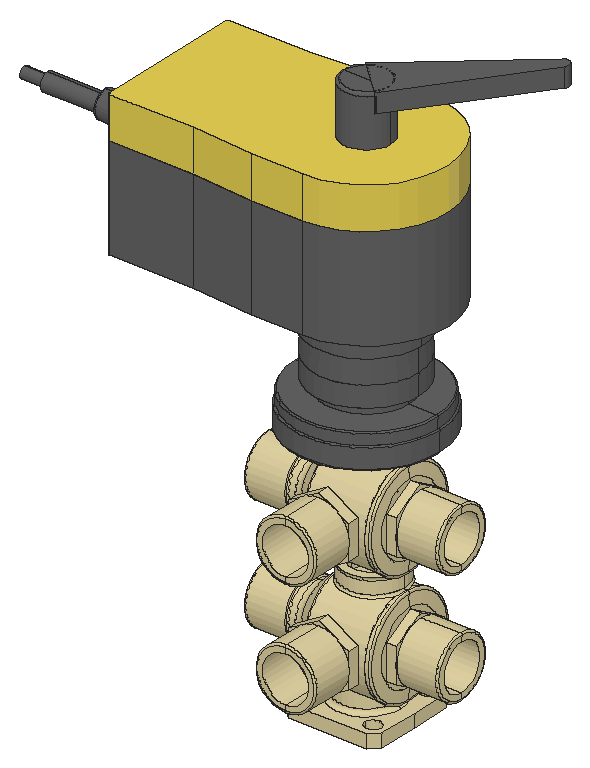
Revit family "QS01650000", category Apparecchi idraulici, Revit 2020
Family settings
  Quota connettore circolare = Usa diametro
  Tipo di parte = Normale
  Numero OmniClass = 23.45.00.00
  Titolo OmniClass = Sanitary, Laundry, and Cleaning Equipment
  Basato su piano di lavoro = No
  Sempre verticale = Sì
  Taglio con vuoti quando caricato = No
  Condiviso = No
  Punto di calcolo locali = No
Parameters
  URL = "https://web.cimberio.it/index.php/figura/1718?subcategoria_id=109"
  Temperatura di esercizio = "5 ÷ 100°C"
  Prospetto di default = 0 mm
  Produttore = "CIMBERIO SPA"
  Pressione nominale = "PN 25"
  Modello = "Cim 671"
  Materiale = "Prodotto in lega di ottone “CR” – “DZR” conforme alla norma EN 12165-CW602N-M."
  Descrizione = "Utilizzato nei più svariati settori dell'impiantistica: impianti di riscaldamento, condizionamento, idrici, igienico-sanitari e in generale con ogni fluido non corrosivo."
  DN Model [instance] = QS01651020 : QS01651020
  DN [instance] = 20 mm
  Commenti sul tipo = "Realizzato in ottemperanza ai requisiti gestionali della norma EN ISO 9001. Collaudato al 100% secondo la normativa EN 12266-1."
Reference planes
  plane 1 "Centro (Fronte/Retro)": y = 0
  plane 2: z = 0
  plane 3 "Centro (Sinistra/Destra)": x = 0
Dimensions and locks
  aligned and locked: level to plane 2
Nested families
  nested 1: "QS01651020" at (0, 0, 0), type <- "DN Model", type "QS01651020"
Connectors
  piping at (0, -43.987, 25), diameter 20, driven by "DN"
    settings: on nested 1, index 1, connector inside diameter 609.6 mm, connector length 0 mm, flow factor 0, pipe flow 0.0 L/s, pressure drop 0.0 Pa, fitting loss kfactor 0, connector angle 0.00°, fixture units 0, engagement length 0 mm, angle of deflection 0.00°, flow configuration 0, flow direction 0, fitting loss method 0, system type 7, joint type 0, gender type 0, connector reference index -1, connector utility 0, adjustable connector no, is connector primary yes, connector description ""
  piping at (0, -43.987, -25), diameter 20, driven by "DN"
    settings: on nested 1, index 2, connector inside diameter 609.6 mm, connector length 0 mm, flow factor 0, pipe flow 0.0 L/s, pressure drop 0.0 Pa, fitting loss kfactor 0, connector angle 0.00°, fixture units 0, engagement length 0 mm, angle of deflection 0.00°, flow configuration 0, flow direction 0, fitting loss method 0, system type 7, joint type 0, gender type 0, connector reference index -1, connector utility 0, adjustable connector no, is connector primary no, connector description ""
  piping at (41.487, 0, -25), diameter 20, driven by "DN"
    settings: on nested 1, index 3, connector inside diameter 609.6 mm, connector length 0 mm, flow factor 0, pipe flow 0.0 L/s, pressure drop 0.0 Pa, fitting loss kfactor 0, connector angle 0.00°, fixture units 0, engagement length 0 mm, angle of deflection 0.00°, flow configuration 0, flow direction 0, fitting loss method 0, system type 7, joint type 0, gender type 0, connector reference index -1, connector utility 0, adjustable connector no, is connector primary no, connector description ""
  piping at (41.487, 0, 25), diameter 20, driven by "DN"
    settings: on nested 1, index 4, connector inside diameter 609.6 mm, connector length 0 mm, flow factor 0, pipe flow 0.0 L/s, pressure drop 0.0 Pa, fitting loss kfactor 0, connector angle 0.00°, fixture units 0, engagement length 0 mm, angle of deflection 0.00°, flow configuration 0, flow direction 0, fitting loss method 0, system type 7, joint type 0, gender type 0, connector reference index -1, connector utility 0, adjustable connector no, is connector primary no, connector description ""
  piping at (-42.831, 0, 25), diameter 20, driven by "DN"
    settings: on nested 1, index 5, connector inside diameter 609.6 mm, connector length 0 mm, flow factor 0, pipe flow 0.0 L/s, pressure drop 0.0 Pa, fitting loss kfactor 0, connector angle 0.00°, fixture units 0, engagement length 0 mm, angle of deflection 0.00°, flow configuration 0, flow direction 0, fitting loss method 0, system type 7, joint type 0, gender type 0, connector reference index -1, connector utility 0, adjustable connector no, is connector primary no, connector description ""
  piping at (-42.831, 0, -25), diameter 20, driven by "DN"
    settings: on nested 1, index 6, connector inside diameter 609.6 mm, connector length 0 mm, flow factor 0, pipe flow 0.0 L/s, pressure drop 0.0 Pa, fitting loss kfactor 0, connector angle 0.00°, fixture units 0, engagement length 0 mm, angle of deflection 0.00°, flow configuration 0, flow direction 0, fitting loss method 0, system type 7, joint type 0, gender type 0, connector reference index -1, connector utility 0, adjustable connector no, is connector primary no, connector description ""
Definition of nested family "QS01651020"
  Parameters (values of type "QS01651020")
    Default Elevation = 0 mm
  Reference planes
    plane 1 "Centro (Fronte/Retro)": y = 0
    plane 2: z = 0
    plane 3 "Centro (Sinistra/Destra)": x = 0
  Forms (mm)
    Extrusion 1, solid
      sketch origin (0, 0, 28.55) x (1, 0, 0) y (0, 1, 0)
        loop
          arc (-16.971, 21) -> (-18.836, 19.345) -> (-20.54, 17.525) r 27
          line (-20.54, 17.525) -> (-20.999, 0) -> (-20.54, -17.525)
          arc (-20.54, -17.525) -> (-18.836, -19.345) -> (-16.971, -21) r 27
          line (-16.971, -21) -> (16.971, -21)
          arc (16.971, -21) -> (18.836, -19.345) -> (20.54, -17.525) r 27
          line (20.54, -17.525) -> (20.999, 0) -> (20.54, 17.525)
          arc (20.54, 17.525) -> (18.836, 19.345) -> (16.971, 21) r 27
          line (16.971, 21) -> (-16.971, 21)
        loop
          circle (14.849, 14.849) r 3.5
        loop
          circle (14.849, -14.849) r 3.5
        loop
          circle (-14.849, -14.849) r 3.5
        loop
          circle (-14.849, 14.849) r 3.5
      from 29.217 to 34.45
    Revolve 2, solid
      sketch origin (0, 0, 0) x (1, 0, 0) y (0, 0, 1)
        loop
          line (0, 57.767) -> (-18.349, 57.767)
          arc (-18.349, 57.767) -> (-16.952, 57.177) -> (-16.4, 55.765) r 1.95
          line (-16.4, 55.765) -> (-16.4, 54.276)
          arc (-16.4, 54.276) -> (-16.134, 53.597) -> (-15.477, 53.279) r 1
          arc (-15.477, 53.279) -> (-11.106, 50.846) -> (-10.106, 45.945) r 5.99
          line (-10.106, 45.945) -> (0, 45.945) -> (0, 57.767)
        axis (0, 57.767) -> (0, 45.945)
      angle from 0 to 360
    Revolve 3, solid
      sketch origin (0, 0, 0) x (1, 0, 0) y (0, 0, 1)
        loop
          line (-24.866, 35) -> (18.978, 35) -> (18.978, 40.478) -> (18.525, 45.652)
          arc (18.525, 45.652) -> (18.376, 46.174) -> (17.883, 46.4) r 0.65
          line (17.883, 46.4) -> (16.5, 46.4) -> (15.807, 46) -> (-10.093, 46)
          arc (-10.093, 46) -> (-10.476, 45.924) -> (-10.8, 45.707) r 1
          line (-10.8, 45.707) -> (-17.541, 38.966)
          arc (-17.541, 38.966) -> (-19.164, 37.881) -> (-21.078, 37.5) r 5
          line (-21.078, 37.5) -> (-24, 37.5)
          arc (-24, 37.5) -> (-24.5, 37.634) -> (-24.866, 38) r 1
          line (-24.866, 38) -> (-24.866, 35)
        axis (-24.866, 25) -> (18.978, 25)
      angle from 0 to 360
    Revolve 4, solid
      sketch origin (0, 0, -50) x (1, 0, 0) y (0, 0, 1)
        loop
          line (-24.866, 35) -> (18.978, 35) -> (18.978, 40.478) -> (18.525, 45.652)
          arc (18.525, 45.652) -> (18.376, 46.174) -> (17.883, 46.4) r 0.65
          line (17.883, 46.4) -> (16.5, 46.4) -> (15.807, 46) -> (-10.093, 46)
          arc (-10.093, 46) -> (-10.476, 45.924) -> (-10.8, 45.707) r 1
          line (-10.8, 45.707) -> (-17.541, 38.966)
          arc (-17.541, 38.966) -> (-19.164, 37.881) -> (-21.078, 37.5) r 5
          line (-21.078, 37.5) -> (-24, 37.5)
          arc (-24, 37.5) -> (-24.5, 37.634) -> (-24.866, 38) r 1
          line (-24.866, 38) -> (-24.866, 35)
        axis (-24.866, 25) -> (18.978, 25)
      angle from 0 to 360
    Extrusion 5, solid
      sketch origin (0, 0, 0) x (0, 1, 0) y (0, 0, 1)
        loop
          circle (0, 25) r 10
        loop
          line (0, 40) -> (-12.99, 32.5) -> (-12.99, 17.5) -> (0, 10) -> (12.99, 17.5) -> (12.99, 32.5) -> (0, 40)
      from 18.5 to 23.5
    Extrusion 6, solid
      sketch origin (0, 0, -50) x (0, 1, 0) y (0, 0, 1)
        loop
          circle (0, 25) r 10
        loop
          line (0, 40) -> (-12.99, 32.5) -> (-12.99, 17.5) -> (0, 10) -> (12.99, 17.5) -> (12.99, 32.5) -> (0, 40)
      from 18.5 to 23.5
    Revolve 7, solid
      sketch origin (0, 0, 0) x (1, 0, 0) y (0, 0, 1)
        loop
          line (23.5, 38.125) -> (23.5, 35) -> (41.487, 35) -> (41.487, 37.443)
          arc (41.487, 37.443) -> (41.287, 37.925) -> (40.805, 38.125) r 0.682
          line (40.805, 38.125) -> (23.5, 38.125)
        axis (23.5, 25) -> (41.487, 25)
      angle from 0 to 360
    Revolve 8, solid
      sketch origin (0, 0, -50) x (1, 0, 0) y (0, 0, 1)
        loop
          line (23.5, 38.125) -> (23.5, 35) -> (41.487, 35) -> (41.487, 37.443)
          arc (41.487, 37.443) -> (41.287, 37.925) -> (40.805, 38.125) r 0.682
          line (40.805, 38.125) -> (23.5, 38.125)
        axis (23.5, 25) -> (41.487, 25)
      angle from 0 to 360
    Revolve 9, solid
      sketch origin (-1.344, 0, 0) x (-1, 0, 0) y (0, 0, -1)
        loop
          line (23.5, -38.125) -> (40.805, -38.125)
          arc (40.805, -38.125) -> (41.287, -37.925) -> (41.487, -37.443) r 0.682
          line (41.487, -37.443) -> (41.487, -35) -> (23.5, -35) -> (23.5, -38.125)
        axis (23.5, -25) -> (41.487, -25)
      angle from 0 to 360
    Revolve 10, solid
      sketch origin (-1.344, 0, -50) x (-1, 0, 0) y (0, 0, -1)
        loop
          line (23.5, -38.125) -> (40.805, -38.125)
          arc (40.805, -38.125) -> (41.287, -37.925) -> (41.487, -37.443) r 0.682
          line (41.487, -37.443) -> (41.487, -35) -> (23.5, -35) -> (23.5, -38.125)
        axis (23.5, -25) -> (41.487, -25)
      angle from 0 to 360
    Revolve 11, solid
      sketch origin (0, 0, 0) x (1, 0, 0) y (0, 0, 1)
        loop
          line (-10, 2.68) -> (-10, -2.68)
          arc (-10, -2.68) -> (-10.145, -3.41) -> (-10.557, -4.03) r 1.915
          line (-10.557, -4.03) -> (-6.75, -4.03) -> (-6.75, 3.998) -> (-10.498, 3.998)
          arc (-10.498, 3.998) -> (-10.129, 3.384) -> (-10, 2.68) r 1.995
        axis (3.25, 3.998) -> (3.25, -4.03)
      angle from 0 to 360
    Revolve 12, solid
      sketch origin (0, 0, 0) x (1, 0, 0) y (0, 0, 1)
        loop
          line (-13, -40.786) -> (-13, -48.421)
          arc (-13, -48.421) -> (-13.587, -49.837) -> (-15.003, -50.424) r 2.003
          line (-15.003, -50.424) -> (-10, -50.424) -> (-10, -40.786) -> (-13, -40.786)
        axis (0, -40.786) -> (0, -50.424)
      angle from 0 to 360
    Extrusion 13, solid
      sketch origin (0, 0, -84.874) x (1, 0, 0) y (0, 1, 0)
        loop
          arc (-16.971, 21) -> (-18.836, 19.345) -> (-20.54, 17.525) r 27
          line (-20.54, 17.525) -> (-20.999, 0) -> (-20.54, -17.525)
          arc (-20.54, -17.525) -> (-18.836, -19.345) -> (-16.971, -21) r 27
          line (-16.971, -21) -> (16.971, -21)
          arc (16.971, -21) -> (18.836, -19.345) -> (20.54, -17.525) r 27
          line (20.54, -17.525) -> (20.999, 0) -> (20.54, 17.525)
          arc (20.54, 17.525) -> (18.836, 19.345) -> (16.971, 21) r 27
          line (16.971, 21) -> (-16.971, 21)
        loop
          circle (14.849, 14.849) r 3.5
        loop
          circle (14.849, -14.849) r 3.5
        loop
          circle (-14.849, -14.849) r 3.5
        loop
          circle (-14.849, 14.849) r 3.5
      from 28.873 to 34.45
    Extrusion 14, solid
      sketch origin (0, 0, 63) x (1, 0, 0) y (0, 1, 0)
        loop
          arc (-5.713, 0.651) -> (-5.75, 0) -> (-5.713, -0.651) r 5.75
          line (-5.713, -0.651) -> (-0.651, -5.713)
          arc (-0.651, -5.713) -> (0, -5.75) -> (0.651, -5.713) r 5.75
          line (0.651, -5.713) -> (5.713, -0.651)
          arc (5.713, -0.651) -> (5.75, 0) -> (5.713, 0.651) r 5.75
          line (5.713, 0.651) -> (0.651, 5.713)
          arc (0.651, 5.713) -> (0, 5.75) -> (-0.651, 5.713) r 5.75
          line (-0.651, 5.713) -> (-5.713, 0.651)
      from 0 to 10.3
    Extrusion 15, solid
      sketch origin (0, -2.5, 0) x (1, 0, 0) y (0, 0, 1)
        loop
          circle (0, 25) r 10
        loop
          line (0, 40) -> (-12.99, 32.5) -> (-12.99, 17.5) -> (0, 10) -> (12.99, 17.5) -> (12.99, 32.5) -> (0, 40)
      from 18.5 to 23.5
    Revolve 16, solid
      sketch origin (0, -2.5, 0) x (0, -1, 0) y (0, 0, 1)
        loop
          line (23.5, 38.125) -> (23.5, 35) -> (41.487, 35) -> (41.487, 37.443)
          arc (41.487, 37.443) -> (41.287, 37.925) -> (40.805, 38.125) r 0.682
          line (40.805, 38.125) -> (23.5, 38.125)
        axis (23.5, 25) -> (41.487, 25)
      angle from 0 to 360
    Extrusion 17, solid
      sketch origin (0, -2.5, -50) x (1, 0, 0) y (0, 0, 1)
        loop
          circle (0, 25) r 10
        loop
          line (0, 40) -> (-12.99, 32.5) -> (-12.99, 17.5) -> (0, 10) -> (12.99, 17.5) -> (12.99, 32.5) -> (0, 40)
      from 18.5 to 23.5
    Revolve 18, solid
      sketch origin (0, -2.5, -50) x (0, -1, 0) y (0, 0, 1)
        loop
          line (23.5, 38.125) -> (23.5, 35) -> (41.487, 35) -> (41.487, 37.443)
          arc (41.487, 37.443) -> (41.287, 37.925) -> (40.805, 38.125) r 0.682
          line (40.805, 38.125) -> (23.5, 38.125)
        axis (23.5, 25) -> (41.487, 25)
      angle from 0 to 360
    Revolve 19, solid
      sketch origin (0, 0, 0) x (1, 0, 0) y (0, 0, 1)
        loop
          line (0, 105.338) -> (-25, 105.338) -> (-25, 102.336)
          arc (-25, 102.336) -> (-24.419, 102.284) -> (-23.95, 101.938) r 1.08
          line (-23.95, 101.938) -> (-23.95, 94.138) -> (-22.74, 94.138) -> (-23, 83.34) -> (-23, 74.338) -> (-19.157, 72.939)
          arc (-19.157, 72.939) -> (-18.68, 72.573) -> (-18.5, 72) r 1
          line (-18.5, 72) -> (-18.5, 69.5) -> (-30.691, 69.5) -> (-31.174, 68.882) -> (-31.174, 64.4)
          arc (-31.174, 64.4) -> (-31.664, 64.278) -> (-32, 63.9) r 0.855
          line (-32, 63.9) -> (-32, 55.5) -> (-31, 54.5) -> (0, 54.5) -> (0, 105.338)
        axis (0, 105.338) -> (0, 54.5)
      angle from 0 to 360
    Extrusion 20, solid
      sketch origin (0, 0, 63) x (1, 0, 0) y (0, 1, 0)
        loop
          line (-86.641, 31.822) -> (-86.468, -31.745)
          arc (-86.468, -31.745) -> (-86.214, -32.356) -> (-85.603, -32.611) r 0.868
          line (-85.603, -32.611) -> (-49.254, -32.753)
          arc (-49.254, -32.753) -> (-35.634, -34.362) -> (-21.929, -34.899) r 175
          line (-21.929, -34.899) -> (0.071, -34.899)
          arc (0.071, -34.899) -> (31.342, -15.62) -> (28.163, 20.978) r 35
          arc (28.163, 20.978) -> (15.792, 31.371) -> (0.071, 35.101) r 35
          line (0.071, 35.101) -> (-21.929, 35.101)
          arc (-21.929, 35.101) -> (-36.079, 34.528) -> (-50.136, 32.813) r 175
          line (-50.136, 32.813) -> (-85.653, 32.813)
          arc (-85.653, 32.813) -> (-86.352, 32.522) -> (-86.641, 31.822) r 0.988
      from 42.338 to 86.974
    Extrusion 21, solid
      sketch origin (0, 0, 107.636) x (1, 0, 0) y (0, 1, 0)
        loop
          line (-86.641, 31.822) -> (-86.468, -31.745)
          arc (-86.468, -31.745) -> (-86.214, -32.356) -> (-85.603, -32.611) r 0.868
          line (-85.603, -32.611) -> (-49.254, -32.753)
          arc (-49.254, -32.753) -> (-35.634, -34.362) -> (-21.929, -34.899) r 175
          line (-21.929, -34.899) -> (0.071, -34.899)
          arc (0.071, -34.899) -> (31.342, -15.62) -> (28.163, 20.978) r 35
          arc (28.163, 20.978) -> (15.792, 31.371) -> (0.071, 35.101) r 35
          line (0.071, 35.101) -> (-21.929, 35.101)
          arc (-21.929, 35.101) -> (-36.079, 34.528) -> (-50.136, 32.813) r 175
          line (-50.136, 32.813) -> (-85.653, 32.813)
          arc (-85.653, 32.813) -> (-86.352, 32.522) -> (-86.641, 31.822) r 0.988
      from 42.338 to 60.402
    Revolve 22, solid
      sketch origin (0, 0, 0) x (1, 0, 0) y (0, 0, 1)
        loop
          line (0, 190.025) -> (-9.334, 190.025)
          arc (-9.334, 190.025) -> (-10.158, 189.684) -> (-10.5, 188.859) r 1.166
          line (-10.5, 188.859) -> (-10.5, 168.038) -> (0, 168.038) -> (0, 190.025)
        axis (0, 190.025) -> (0, 168.038)
      angle from 0 to 360
    Extrusion 23, solid
      sketch origin (0, 0, 63) x (1, 0, 0) y (0, 1, 0)
        loop
          line (-6.807, 8.034) -> (8.574, -6.06) -> (47.898, 48.217)
          arc (47.898, 48.217) -> (48.373, 49.635) -> (47.954, 51.07) r 2.5
          line (47.954, 51.07) -> (46.456, 52.35)
          arc (46.456, 52.35) -> (45.086, 52.52) -> (43.835, 51.939) r 2.5
          line (43.835, 51.939) -> (-6.807, 8.034)
      from 119.038 to 127.134
    Revolve 24, solid
      sketch origin (0, -11.446, 0) x (1, 0, 0) y (0, 0, 1)
        loop
          line (-139.6, 148.338) -> (-86.616, 148.338) -> (-86.616, 157.838) -> (-89, 157.838)
          arc (-89, 157.838) -> (-89.706, 157.544) -> (-90, 156.838) r 1.003
          line (-90, 156.838) -> (-90.003, 155.736)
          arc (-90.003, 155.736) -> (-90.125, 155.321) -> (-90.467, 155.057) r 0.7
          line (-90.467, 155.057) -> (-104.341, 154.132)
          arc (-104.341, 154.132) -> (-104.761, 154.033) -> (-104.997, 153.672) r 0.581
          line (-104.997, 153.672) -> (-104.997, 152.859)
          arc (-104.997, 152.859) -> (-105.062, 152.367) -> (-105.502, 152.138) r 0.537
          line (-105.502, 152.138) -> (-129.6, 152.138) -> (-129.6, 150.788) -> (-139.6, 150.788) -> (-139.6, 148.338)
        axis (-139.6, 148.338) -> (-86.616, 148.338)
      angle from 0 to 360
  Dimensions and locks
    aligned and locked: level to plane 2
